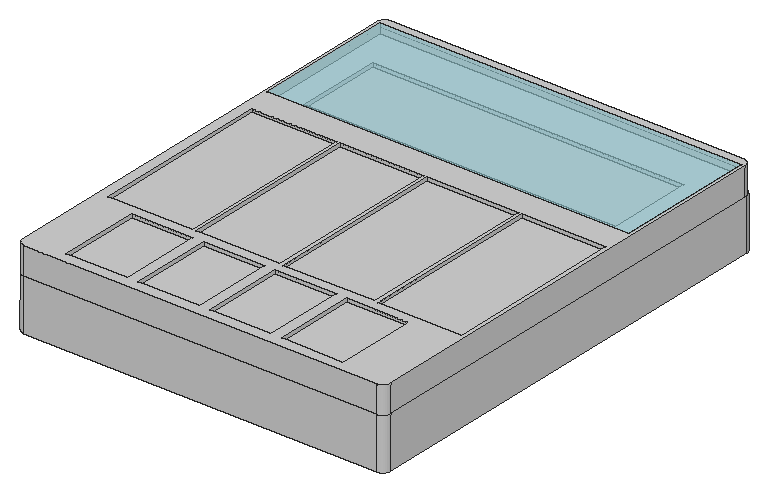
Revit family "Building-QuadriIEC309-GEWISS-68QDIN-QUADRI-PRESE-20MOD_4PRESE_IB_VERT_4PRESE", category Apparecchi elettrici, host Superficie, Revit 2019
Family settings
  Host = Superficie
  Mantenere orientamento annotazione = Sì
  Quota connettore circolare = Usa diametro
  Tipo di parte = Normale
  Taglio con vuoti quando caricato = No
  Condiviso = No
  Punto di calcolo locali = Sì
Parameters (values of type "GW68015N - Q-DIN 20M 4FL.PR.BL.VR.SBF 4FL.16A IP65")
  visibilita posizionamento 2d [instance] = yes
  simbolo 2d [instance] = yes
  oggetto in pianta [instance] = not(visibilita posizionamento 2d)  # no
  distanza_simbolo [instance] = 0.1 mm
  bordo acceso [instance] = yes
  Visibilità sportello [instance] = yes
  Versione file RFA = "21.5"
  VETRO = Vetro
  URL = "https://www.gewiss.com/it/it"
  Tipologia di installazione = "Da parete"
  Tipo versione = "Vuoto"
  Termopressione con biglia = "70 °C"
  Temperatura di utilizzo = "-25 +40 °C"
  Temperatura di funzionamento = "-25 ÷ +40 °C"
  Spostamento_effettivo_S [instance] = 4000 mm - Spostamento_S  # 3000 mm
  Spostamento_S = 1000 mm
  Simbolo_quadro [instance] = not(simbolo 2d)  # no
  Scheda Tecnica = "https://www.gewiss.com/it/it/search?q=GW68015N"
  STRUTTURA ALTA = Poche
  STRUTTURA = RAL - 7035
  SEO = "Quadretto"
  Resistenza agli urti = "IK08"
  Default Elevation = 1219.2 mm
  Produttore = "GEWISS S.p.A."
  Potenza dissipabile B (W) = "92"
  Potenza dissipabile A (W) = "30"
  PRESA = rosso
  POMELLO = bianco
  N_Moduli = 20 mm
  N. prese alloggiabili = "4 IB 16/32 A IP67 + 4 IEC MAX 3P+T 16 A"
  N. prese IB alloggiabili: = "4 IB 16/32 A IP67 + 4 IEC MAX 3P+T 16 A"
  N. mod. EN 50022 = "20"
  N. flange in dotazione = "2 IB 16/32A + 4 IEC 16 A"
  N. coperchi ciechi in dotazione = "2 IB 16/32A + 4 IEC 16 A"
  Modello = "GW68015N"
  L_Moduli = N_Moduli * 19  # 380 mm
  Immagine tipo = GW68015N.jpg
  IDT = "5bb38b2c-aa49-47b5-9d7c-4db2ea1b42ab"
  IDF = "41e3edcd-76e9-4373-aeca-4c72d33b4e2e"
  Grado di protezione = "IP65"
  Glow Wire Test = "650°C"
  Descrizione = "Q-DIN 20M 4FL.PR.BL.VR.SBF 4FL.16A IP65"
  Creato da GEWISS S.p.A. = ""
  ConformitÃ  normativa = "EN 60208 - EN 60670-1 - IEC 60670-24"
  Colore = "Grigio RAL 7035"
  Codice Electrocod = "2242"
  Codice EAN = "8011564744844"
  Classe isolamento = "II"
  Catalogo Serie = "68 QDIN"
  Catalogo = "BUILDING"
  COBie.Tagnumber = ""
  COBie.CreatedOn = ""
  COBie.CreatebBy = ""
  COBie.ComponentRegisterItemID = ""
  COBie.Component.TagNumber = ""
  COBie.Component.Space = ""
  COBie.Component.SerialNumber = ""
  COBie.Component.InstallationDate = ""
  COBie.Component.Description = ""
  COBie.Component.BarCode = ""
Reference planes
  plane 1 "Centro (Fronte/Retro)": y = 0
  plane 2: z = 0
  plane 3 "Centro (Sinistra/Destra)": x = 0
  plane 4: x = -3000
  plane 5: x = 0
Forms (mm)
  Extrusion 1, solid, detail levels coarse
    sketch origin (0, 0, 0) x (1, 0, 0) y (0, 1, 0)
      loop
        line (-225, 0) -> (225, 0) -> (225, 522) -> (-225, 522) -> (-225, 0)
    from 0 to 96
Lines and regions (mm)
  Masking region 1, visible <- "visibilita posizionamento 2d"
    outline origin (0, 0, 0) x (1, 0, 0) y (0, 0, 1)
      loop
        line (-160, 0) -> (160, 0) -> (160, 96) -> (-160, 96) -> (-160, 0)
Dimensions and locks
  plane 4 to plane 3 "Centro (Sinistra/Destra)" = 3000 mm
  "Spostamento_effettivo_S": plane 4 to plane 5
  aligned and locked: plane 2 to host face
  aligned and locked: level to host face
  aligned and locked: nested 1 to plane 5
  aligned and locked: nested 3 to plane 5
  aligned and locked: nested 2 to plane 5
  aligned and locked: nested 2 to Extrusion 1
Automatic sketch dimensions
  host sketch curve to host sketch curve = 2438.4 mm  (x2)
  Masking region 1 sketch curve to level = 0 mm
  Masking region 1 sketch curve to plane 3 "Centro (Sinistra/Destra)" = 160 mm
  plane 3 "Centro (Sinistra/Destra)" to Masking region 1 sketch curve = 160 mm
  Masking region 1 sketch curve to Masking region 1 sketch curve = 96 mm
  plane 1 "Centro (Fronte/Retro)" to Extrusion 1 sketch curve = 0 mm
  Extrusion 1 sketch curve to plane 3 "Centro (Sinistra/Destra)" = 225 mm
  plane 3 "Centro (Sinistra/Destra)" to Extrusion 1 sketch curve = 225 mm
  Extrusion 1 sketch curve to plane 1 "Centro (Fronte/Retro)" = 522 mm
Nested families
  nested 1: "CENTRALINO" at (0, 737.795, 0), BORDO ACCESO <- "bordo acceso", SIMBOLO ACCESO <- "simbolo 2d", Distanza dal muro <- "distanza_simbolo", visible <- "simbolo 2d", type "CENTRALINO"
    with SIMBOLO ACCESO yes, Distanza dal muro 0.1 mm, BORDO ACCESO yes
  nested 2: "68QDIN20 QUADRO DISTRIBUZ X 4+4 PRESE IND_BASE" at (0, 360, 0), Visibilita sportello <- "Visibilità sportello", type "68QDIN20 QUADRO DISTRIBUZ X 4+4 PRESE IND_BASE", detail levels medium+fine
  nested 3: "simb_CENTRALINO_BASE_cad pro" at (0, 737.795, 0), Distanza dal muro <- "distanza_simbolo", visible <- "Simbolo_quadro", SIMBOLO ACCESO <- "Simbolo_quadro", type "simb_CENTRALINO_BASE_cad pro"
    with SIMBOLO ACCESO no, Distanza dal muro 0.1 mm, BORDO ACCESO yes
Definition of nested family "68QDIN20 QUADRO DISTRIBUZ X 4+4 PRESE IND_BASE"
  Parameters (values of type "68QDIN20 QUADRO DISTRIBUZ X 4+4 PRESE IND_BASE")
    n_moduli = 105 mm
    h_moduli = 105 mm
    Visibilita sportello [instance] = yes
    Vetro = none
    Struttura = none
    Spessore = 96 mm
    Default Elevation = 14 mm
    Presa = none
    Larghezza = 450 mm
    IFC.TypeObject = ""
    IFC.ExportType = ""
    IFC.ExportAs = ""
    H_da terra = 589.057 mm
    COBie.CreatedOn = ""
    COBie.CreatebBy = ""
    COBie.ComponentRegisterItemID = ""
    COBie.Component.TagNumber = ""
    COBie.Component.Space = ""
    COBie.Component.SerialNumber = ""
    COBie.Component.InstallationDate = ""
    COBie.Component.Description = ""
    COBie.Component.BarCode = ""
    Altezza scatole = 350 mm
    Altezza quadro = 150 mm
    Altezza = 258 mm
  Reference planes
    plane 1 "Centro (Fronte/Retro)": y = 0
    plane 2: z = 0
    plane 3 "Centro (Sinistra/Destra)": x = 0
    plane 4: z = 69.589
    plane 5: z = 115.626
    plane 6: z = 63
    plane 7: x = -225
    plane 8: x = 225
    plane 9: x = -221
    plane 10: x = 221
    plane 11: y = 21.246
    plane 12: y = 0
    plane 13: y = -232.754
    plane 14: y = -12.754
    plane 15: y = -357
    plane 16: y = 203
    plane 17: z = 58
    plane 18: y = 144
    plane 19: y = 39
    plane 20: x = -52.5
    plane 21: x = 52.5
    plane 22: z = 92.059
    plane 23: z = 96
    plane 24 "posizionamento moduli": z = 84.734
    plane 25: z = 80.558
    plane 26: y = 91.5
    plane 27: x = 223.1
    plane 28: x = -109
    plane 29: y = -244.369
    plane 30: y = -344.119
    plane 31: x = -212
    plane 32: x = -105.4
    plane 33: x = -2.4
    plane 34: x = 1.2
    plane 35: x = 113.2
    plane 36: x = 116.8
    plane 37: x = 219.8
    plane 38: x = -174
    plane 39: x = -99
    plane 40: x = -86
    plane 41: x = -11
    plane 42: x = 76.2
    plane 43: x = 89.2
    plane 44: x = 164.2
    plane 45: y = 193.21
  Forms (mm)
    Extrusion 1, solid, material <- "Struttura"
      sketch origin (0, -857.311, 0) x (1, 0, 0) y (0, 1, 0)
        loop
          arc (-215, 1060.311) -> (-222.071, 1057.382) -> (-225, 1050.311) r 10
          line (-225, 1050.311) -> (-225, 510.311)
          arc (-225, 510.311) -> (-222.071, 503.24) -> (-215, 500.311) r 10
          line (-215, 500.311) -> (215, 500.311)
          arc (215, 500.311) -> (222.071, 503.24) -> (225, 510.311) r 10
          line (225, 510.311) -> (225, 1050.311)
          arc (225, 1050.311) -> (222.071, 1057.382) -> (215, 1060.311) r 10
          line (215, 1060.311) -> (-215, 1060.311)
      from 63 to 96
    Extrusion 2, solid, material <- "Struttura"
      sketch origin (0, -857.311, 0) x (1, 0, 0) y (0, 1, 0)
        loop
          line (217.45, 1060.311) -> (-221.38, 1060.311)
          arc (-221.38, 1060.311) -> (-223.94, 1059.251) -> (-225, 1056.691) r 3.62
          line (-225, 1056.691) -> (-225, 510.311)
          arc (-225, 510.311) -> (-222.071, 503.24) -> (-215, 500.311) r 10
          line (-215, 500.311) -> (215, 500.311)
          arc (215, 500.311) -> (222.071, 503.24) -> (225, 510.311) r 10
          line (225, 510.311) -> (225, 1052.76)
          arc (225, 1052.76) -> (222.789, 1058.099) -> (217.45, 1060.311) r 7.55
      from 0 to 63
    Extrusion 3, void
      sketch origin (0, -857.311, 0) x (1, 0, 0) y (0, 1, 0)
        loop
          line (-221, 1050.52) -> (-221, 878.557) -> (221, 878.557) -> (221, 1050.52) -> (-221, 1050.52)
      from 69.589 to 96
    Extrusion 4, solid, material <- "Vetro", visible <- "Visibilita sportello", detail levels fine
      sketch origin (0, -857.311, 0) x (1, 0, 0) y (0, 1, 0)
        loop
          line (-221, 1050.52) -> (-221, 878.557) -> (221, 878.557) -> (221, 1050.52) -> (-221, 1050.52)
      from 92.059 to 96
    Extrusion 5, void
      sketch origin (0, 0, 0) x (1, 0, 0) y (0, 1, 0)
        loop
          line (-52.5, 39) -> (52.5, 39) -> (52.5, 144) -> (-52.5, 144) -> (-52.5, 39)
      from 80.558 to 84.734
    Extrusion 6, solid
      sketch origin (0, 0, 0) x (1, 0, 0) y (0, 1, 0)
        loop
          line (-221, 193.21) -> (-221, 21.246) -> (221, 21.246) -> (221, 193.21) -> (-221, 193.21)
      from 80.558 to 84.734
    Extrusion 7, void
      sketch origin (0, 0, 84.734) x (0, -1, 0) y (1, 0, 0)
        loop
          line (12.754, -212) -> (232.754, -212) -> (232.754, -109) -> (12.754, -109) -> (12.754, -212)
        loop
          line (12.754, -105.4) -> (232.754, -105.4) -> (232.754, -2.4) -> (12.754, -2.4) -> (12.754, -105.4)
        loop
          line (12.754, 1.2) -> (232.754, 1.2) -> (232.754, 113.2) -> (12.754, 113.2) -> (12.754, 1.2)
        loop
          line (12.754, 116.8) -> (232.754, 116.8) -> (232.754, 219.8) -> (12.754, 219.8) -> (12.754, 116.8)
      from 7.325 to 11.266
    Extrusion 8, void
      sketch origin (0, -119.115, 84.734) x (0, -1, 0) y (1, 0, 0)
        loop
          line (125.254, -174) -> (225.004, -174) -> (225.004, -99) -> (125.254, -99) -> (125.254, -174)
        loop
          line (125.254, -86) -> (225.004, -86) -> (225.004, -11) -> (125.254, -11) -> (125.254, -86)
        loop
          line (125.254, 1.2) -> (225.004, 1.2) -> (225.004, 76.2) -> (125.254, 76.2) -> (125.254, 1.2)
        loop
          line (125.254, 89.2) -> (225.004, 89.2) -> (225.004, 164.2) -> (125.254, 164.2) -> (125.254, 89.2)
      from 7.325 to 11.266
  Cuts and joins
    Extrusion 3, Extrusion 7, Extrusion 8 cuts Extrusion 1
    Extrusion 5 cuts Extrusion 6
    Extrusion 5 cuts Extrusion 4
  Lines and regions (mm)
    model lines
      curve 1: line (-52.5, 91.5, 84.734) -> (52.5, 91.5, 84.734)
  Dimensions and locks
    plane 4 to plane 5 = 46.036 mm
    locked: plane 7 to plane 9 at 4
    locked: plane 10 to plane 8 at 4
    equal spacing: plane 7, plane 3 "Centro (Sinistra/Destra)", plane 8
    "Larghezza": plane 7 to plane 8
    plane 1 "Centro (Fronte/Retro)" to plane 16 = 203 mm
    plane 15 to plane 12 = 357 mm
    locked: plane 6 to plane 17 at 5
    locked: plane 16 to plane 18 at 59
    "h_moduli": plane 18 to plane 19
    equal spacing: plane 20, plane 3 "Centro (Sinistra/Destra)", plane 21
    "n_moduli": plane 20 to plane 21
    locked: plane 23 to plane 22 at 3.941
    plane 6 to plane 2 = 63 mm
    locked: plane 22 to plane 24 "posizionamento moduli" at 7.325
    locked: plane 24 "posizionamento moduli" to plane 25 at 4.176
    equal spacing: plane 18, plane 26, plane 19
    locked: plane 27 to plane 8 at 1.9
    plane 14 to plane 13 = 220 mm
    plane 13 to plane 29 = 11.615 mm
    plane 15 to plane 16 = 560 mm
    cut or joined group of Extrusion 5, Extrusion 6 to plane 14 = 34 mm
    plane 7 to plane 31 = 13 mm
    plane 31 to plane 28 = 103 mm
    locked: plane 28 to plane 32 at 3.6
    plane 32 to plane 33 = 103 mm
    locked: plane 33 to plane 34 at 3.6
    plane 7 to plane 38 = 51 mm
    plane 38 to plane 39 = 75 mm
    locked: plane 39 to plane 40 at 13
    radius of Extrusion 2 sketch curve = 10 mm  (x2)
    radius of Extrusion 2 sketch curve = 3.62 mm
    radius of Extrusion 2 sketch curve = 7.55 mm
    radius of Extrusion 1 sketch curve = 10 mm  (x4)
    aligned and locked: level to plane 2
    aligned and locked: Extrusion 2 sketch curve to plane 7
    aligned and locked: plane 8 to Extrusion 2 sketch curve
    aligned and locked: plane 8 to Extrusion 1 sketch curve
    aligned and locked: Extrusion 1 sketch curve to plane 7
    aligned and locked: Extrusion 4 sketch curve to plane 9
    aligned and locked: Extrusion 4 sketch curve to plane 10
    aligned and locked: Extrusion 3 sketch curve to plane 9
    aligned and locked: Extrusion 3 sketch curve to plane 10
    aligned and locked: Extrusion 4 sketch curve to plane 11
    aligned and locked: Extrusion 3 sketch curve to plane 11
    aligned and locked: plane 15 to Extrusion 2 sketch curve
    aligned and locked: plane 1 "Centro (Fronte/Retro)" to plane 12
    aligned and locked: plane 16 to Extrusion 1 sketch curve
    aligned and locked: Extrusion 5 sketch curve to plane 20
    aligned and locked: Extrusion 5 sketch curve to plane 18
    aligned and locked: Extrusion 5 sketch curve to plane 19
    aligned and locked: Extrusion 5 sketch curve to plane 21
    aligned and locked: plane 24 "posizionamento moduli" to Extrusion 5
    aligned and locked: Extrusion 5 to plane 25
    aligned and locked: Extrusion 6 sketch curve to plane 11
    aligned and locked: plane 26 to curve 1
    aligned and locked: plane 15 to Extrusion 1 sketch curve
    aligned and locked: Extrusion 2 sketch curve to plane 16
    aligned and locked: Extrusion 7 sketch curve to plane 14  (x3)
    aligned and locked: Extrusion 7 sketch curve to plane 28
    aligned and locked: Extrusion 1 to Extrusion 7
    aligned and locked: Extrusion 7 to plane 22
    aligned and locked: Extrusion 7 sketch curve to plane 13  (x4)
    aligned and locked: plane 31 to Extrusion 7
    aligned and locked: Extrusion 7 sketch curve to plane 32
    aligned and locked: Extrusion 7 sketch curve to plane 33
    aligned and locked: Extrusion 7 sketch curve to plane 34
    aligned and locked: Extrusion 7 sketch curve to plane 35
    aligned and locked: Extrusion 7 sketch curve to plane 36
    aligned and locked: Extrusion 7 sketch curve to plane 37
    aligned and locked: plane 38 to Extrusion 8 sketch curve
    aligned and locked: Extrusion 8 sketch curve to plane 39
    aligned and locked: plane 30 to Extrusion 8 sketch curve  (x2)
    aligned and locked: Extrusion 8 sketch curve to plane 40
    aligned and locked: Extrusion 8 sketch curve to plane 41
    aligned and locked: Extrusion 8 sketch curve to plane 34
    aligned and locked: Extrusion 8 sketch curve to plane 29  (x2)
    aligned and locked: Extrusion 8 sketch curve to plane 42
    aligned and locked: Extrusion 8 sketch curve to plane 30  (x2)
    aligned and locked: Extrusion 8 sketch curve to plane 43
    aligned and locked: Extrusion 8 sketch curve to plane 44
    aligned and locked: plane 45 to cut or joined group of Extrusion 4, Extrusion 5  (x2)
    aligned and locked: plane 45 to cut or joined group of Extrusion 1, Extrusion 3, Extrusion 7, Extrusion 8
    aligned and locked: plane 45 to cut or joined group of Extrusion 5, Extrusion 6
  Automatic sketch dimensions
    curve 1 to plane 20 = 0 mm
    curve 1 to plane 21 = 0 mm
    plane 14 to Extrusion 7 sketch curve = 0 mm
    Extrusion 8 sketch curve to plane 29 = 0 mm  (x2)
    Extrusion 7 sketch curve to plane 9 = 9 mm
    Extrusion 6 sketch curve to plane 9 = 0 mm
    Extrusion 6 sketch curve to plane 10 = 0 mm
    Extrusion 3 sketch curve to plane 45 = 0 mm
    Extrusion 4 sketch curve to plane 45 = 0 mm
    Extrusion 6 sketch curve to plane 45 = 0 mm
Definition of nested family "CENTRALINO"
  Parameters (values of type "CENTRALINO")
    SIMBOLO ACCESO [instance] = yes
    Distanza dal muro [instance] = 0 mm
    BORDO ACCESO [instance] = yes
  Reference planes
    plane 1: y = 0
    plane 2: x = 0
  Dimensions and locks
    "Distanza dal muro": plane 1 to nested 1
    aligned and locked: plane 2 to nested 1
  Nested families
    nested 1: "CENTRALINO_BASE" at (0, 0, 0), BORDO ACCESO <- "BORDO ACCESO", visible <- "SIMBOLO ACCESO", type "CENTRALINO"
      with BORDO ACCESO yes
  Definition of nested family "CENTRALINO_BASE"
    Parameters (values of type "CENTRALINO")
      Distanza dal muro = 0 mm
      BORDO ACCESO [instance] = yes
    Reference planes
      plane 1: y = 0
      plane 2: x = 0
    Lines and regions (mm)
      detail lines, visible <- "BORDO ACCESO", not visible
        curve 1: line (-2.443, 10.208, 0) -> (2.057, 10.208, 0)
        curve 2: line (2.057, 10.208, 0) -> (2.057, 4.208, 0)
        curve 3: line (2.057, 4.208, 0) -> (-2.443, 4.208, 0)
        curve 4: line (-2.443, 4.208, 0) -> (-2.443, 10.208, 0)
        curve 5: line (-2.043, 9.808, 0) -> (1.657, 9.808, 0)
        curve 6: line (1.657, 9.808, 0) -> (1.657, 4.608, 0)
        curve 7: line (1.657, 4.608, 0) -> (-2.043, 4.608, 0)
        curve 8: line (-2.043, 4.608, 0) -> (-2.043, 9.808, 0)
      detail lines
        curve 9: line (0, 0.671, 0) -> (0, 0, 0)
        curve 10: line (0.659, 0.671, 0) -> (0.659, 1.33, 0)
        curve 11: line (0.659, 1.33, 0) -> (-0.659, 1.33, 0)
        curve 12: line (-0.659, 1.33, 0) -> (-0.659, 0.671, 0)
        curve 13: line (-0.659, 0.671, 0) -> (0.659, 0.671, 0)
        curve 14: line (0.497, 1.33, 0) -> (0.497, 2, 0)
        curve 15: line (0.167, 1.33, 0) -> (0.167, 2, 0)
        curve 16: line (-0.162, 1.33, 0) -> (-0.162, 2, 0)
        curve 17: line (-0.491, 1.33, 0) -> (-0.491, 2, 0)
Definition of nested family "simb_CENTRALINO_BASE_cad pro"
  Parameters (values of type "simb_CENTRALINO_BASE_cad pro")
    SIMBOLO ACCESO [instance] = yes
    Distanza dal muro [instance] = 0 mm
    BORDO ACCESO [instance] = yes
  Reference planes
    plane 1: y = 0
    plane 2: x = 0
  Dimensions and locks
    "Distanza dal muro": plane 1 to nested 1
    aligned and locked: plane 2 to nested 1
  Nested families
    nested 1: "CENTRALINO_BASE_cad pro" at (0, 0, 0), type "CENTRALINO"
  Definition of nested family "CENTRALINO_BASE_cad pro"
    Parameters (values of type "CENTRALINO")
      Distanza dal muro = 0 mm
    Reference planes
      plane 1: y = 0
      plane 2: x = 0
    Lines and regions (mm)
      detail lines
        curve 1: line (1.33, 1.33, 0) -> (2.109, 1.33, 0)
        curve 2: line (2.109, 1.33, 0) -> (2.109, 0, 0)
        curve 3: line (2.109, 0, 0) -> (1.33, 0, 0)
        curve 4: line (1.33, 0, 0) -> (-1.33, 1.33, 0)
        curve 5: line (-1.33, 1.33, 0) -> (1.33, 1.33, 0)
        curve 6: line (1.33, 1.33, 0) -> (1.33, 0, 0)
        curve 7: line (1.33, 0, 0) -> (-1.33, 0, 0)
        curve 8: line (-1.33, 0, 0) -> (-1.33, 1.33, 0)
        curve 9: line (1.461, 0.665, 0) -> (1.977, 0.665, 0)
        curve 10: line (1.719, 0.665, 0) -> (1.719, 1.01, 0)
        curve 11: arc (1.977, 0.406, 0) -> (1.719, 0.665, 0) -> (1.461, 0.406, 0) r 0.258
